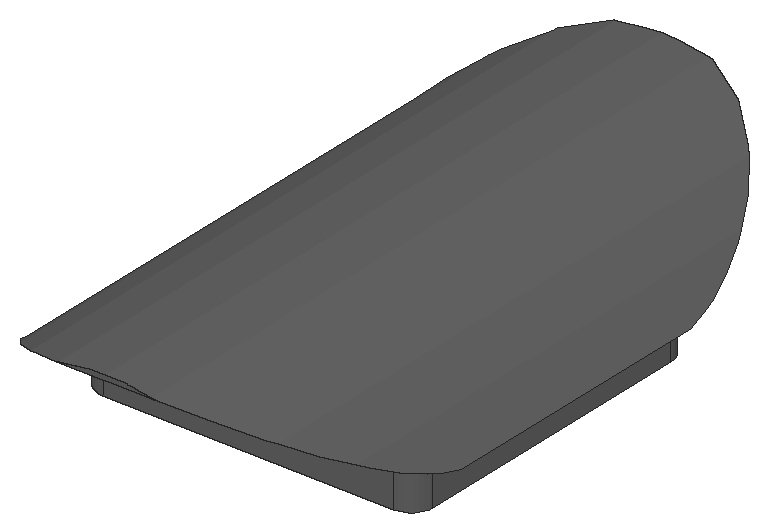
Revit family "AFX-Remy-Outdoor_Sconce-1", category Lighting Fixtures, host Face, Revit 2021
Family settings
  Host = Face
  Round Connector Dimension = Use Diameter
  Part Type = Normal
  Cut with Voids When Loaded = No
  Light Source = Yes
  Shared = No
  Room Calculation Point = No
Parameters (values of type "REMW0610LAJMVBK")
  Width = 5 1/2"
  Wattage Comments = "9"
  Wattage = 9.2903 W
  built-in parameter 1150110 = 1 (stored number, unit not read)
  Voltage = 120 V
  URL = "https://www.afxinc.com/"
  Type Comments = "Remy"  # constant formula
  built-in parameter 1114217 = 1 (stored number, unit not read)
  Tilt Angle = 0.00°
  built-in parameter 1150109 = 1 (stored number, unit not read)
  built-in parameter 1150134 = 3
  built-in parameter 1150113 = 1 (stored number, unit not read)
  Revit Model Built By = ""
  Product Documentation Link = "https://www.afxinc.com/products/productDetail.cfm?productID=2434"
  Power Factor = 1
  Photometric Web File = "REMW0610LAJMVBK_3000K_IES.IES"
  built-in parameter 1150142 = "IESNA:LM-63-2002\r\n[TEST] \r\n[TESTLAB] LCTECH 240119103003\r\n[TESTDATE] 2024/1/23\r\n[ISSUEDATE] 2024/1/23\r\n[MANUFAC] AFX\r\n[LUMCAT] REMW0610LAJMV**\r\n[LUMINAIRE] LEDµÆ¾ß\r\n[LAMPCAT] \r\n[LAMP] \r\n[LumELE] 120 0.195 23 0.9829\r\nTILT=NONE\r\n1 1483.24 1 37 13 1 2 0.03 0.1 0\r\n1 1 23\r\n0.00 5.00 10.00 15.00 20.00 25.00 30.00 35.00 40.00 45.00 50.00 55.00 60.00 65.00 70.00 75.00 80.00 85.00 90.00 95.00 100.00 105.00 110.00 115.00 120.00 125.00 130.00 135.00 140.00 145.00 150.00 155.00 160.00 165.00 170.00 175.00 180.00\r\n0.00 15.00 30.00 45.00 60.00 75.00 90.00 105.00 120.00 135.00 150.00 165.00 180.00\r\n502.468 512.374 505.17 507.871 494.364 475.454 455.643 429.529 395.311 356.591 207.111 38.721 32.417 23.413 18.91 15.308 12.607 9.005 7.204 9.005 12.607 15.308 18.91 23.413 32.417 38.721 207.111 356.591 395.311 429.529 455.643 475.454 494.364 507.871 \r\n505.17 512.374 502.532\r\n502.468 512.414 513.769 507.445 493.886 477.169 456.383 429.273 397.195 359.69 263.006 43.38 32.083 24.401 18.527 14.912 12.201 8.586 6.777 8.585 12.199 14.911 18.526 24.401 32.081 43.377 262.961 359.674 397.177 429.264 456.377 477.163 493.884 507.437 \r\n513.764 512.408 502.532\r\n502.468 511.533 512.444 506.555 495.231 477.565 457.631 428.639 399.646 363.404 316.74 132.372 30.815 24.469 18.126 14.049 10.425 7.704 5.889 7.701 10.417 14.042 18.121 24.464 30.805 132.23 316.674 363.345 399.597 428.60 457.602 477.54 495.214 506.545 \r\n512.436 511.535 502.532\r\n502.468 504.712 505.17 498.438 488.119 472.854 450.852 424.818 394.288 358.818 319.307 272.167 122.222 22.009 16.62 13.026 8.986 6.289 4.04 6.284 8.976 13.018 16.608 21.997 122.054 272.066 319.223 358.743 394.221 424.76 450.814 472.818 488.087 498.424 \r\n505.163 504.722 502.532\r\n502.468 507.443 506.586 498.964 483.201 471.143 448.659 422.606 390.224 356.974 316.948 272.435 225.656 165.877 26.696 9.474 6.309 4.065 2.244 4.033 6.288 9.422 26.392 165.248 225.143 271.942 316.509 356.565 389.90 422.303 448.439 470.944 483.18 498.911 \r\n506.586 507.527 502.532\r\n502.468 504.783 501.22 492.334 480.311 462.468 441.019 414.702 382.536 346.41 304.903 257.563 205.708 151.595 104.169 60.276 8.135 1.803 0.44 1.774 7.963 59.56 103.309 150.679 204.777 256.661 304.116 345.78 382.092 414.315 440.762 462.239 480.168 492.291 \r\n501.292 504.883 502.532\r\n502.468 501.155 494.59 484.085 470.079 448.633 413.18 360.219 302.882 245.544 185.143 126.055 66.967 24.511 2.626 0.875 0.438 0.00 0.00 0.00 0.438 0.875 2.626 24.511 66.967 126.055 185.143 245.544 302.882 360.219 413.18 448.633 470.079 484.085 494.59 \r\n501.155 502.532\r\n502.468 499.317 489.011 476.902 437.266 365.168 290.798 194.127 89.662 27.777 3.109 1.32 0.44 0.00 0.00 0.00 0.00 0.00 0.00 0.00 0.00 0.00 0.00 0.00 0.454 1.363 3.152 28.564 91.882 195.788 292.287 366.371 438.255 477.317 489.355 499.618 502.532\r\n502.468 497.504 488.019 457.259 359.924 234.25 54.322 4.033 1.789 0.445 0.00 0.00 0.00 0.00 0.00 0.00 0.00 0.00 0.00 0.00 0.00 0.00 0.00 0.00 0.00 0.00 0.00 0.455 1.81 4.065 55.453 235.444 360.814 457.835 488.26 497.671 502.532\r\n502.468 493.478 483.142 404.511 215.827 6.732 2.692 0.448 0.448 0.00 0.00 0.00 0.00 0.00 0.00 0.00 0.00 0.00 0.00 0.00 0.00 0.00 0.00 0.00 0.00 0.00 0.00 0.00 0.45 0.45 2.697 6.739 216.147 404.653 483.185 493.505 502.532\r\n502.468 498.387 484.782 352.889 109.46 3.622 0.906 0.452 0.00 0.00 0.00 0.00 0.00 0.00 0.00 0.00 0.00 0.00 0.00 0.00 0.00 0.00 0.00 0.00 0.00 0.00 0.00 0.00 0.00 0.454 0.906 3.627 108.928 353.019 484.821 498.402 502.532\r\n502.468 495.239 481.224 193.797 5.873 2.258 0.451 0.00 0.00 0.00 0.00 0.00 0.00 0.00 0.00 0.00 0.00 0.00 0.00 0.00 0.00 0.00 0.00 0.00 0.00 0.00 0.00 0.00 0.00 0.00 0.453 2.26 5.875 193.90 481.242 495.242 502.532\r\n502.468 498.867 483.558 119.764 5.403 0.90 0.00 0.00 0.00 0.00 0.00 0.00 0.00 0.00 0.00 0.00 0.00 0.00 0.00 0.00 0.00 0.00 0.00 0.00 0.00 0.00 0.00 0.00 0.00 0.00 0.00 0.90 5.403 119.764 483.558 498.867 502.532\r\n"
  Model = "REMW0610LAJMVBK"
  Manufacturer = "AFX Inc"  # constant formula
  built-in parameter 1150105 = 109.82 (stored number, unit not read)
  Lumens = 1380 lm
  built-in parameter 1150115 = 1 (stored number, unit not read)
  built-in parameter 1150137 = (empty or 0)
  built-in parameter 1150139 = (empty or 0)
  built-in parameter 1150112 = 1 (stored number, unit not read)
  built-in parameter 1150114 = 1 (stored number, unit not read)
  Lamp = "LED"
  Keynote = "12500"
  built-in parameter 1150132 = (empty or 0)
  built-in parameter 1150102 = (empty or 0)
  built-in parameter 1150107 = 3200 (stored number, unit not read)
  built-in parameter 1150138 = (empty or 0)
  built-in parameter 1150106 = 1.0982 (stored number, unit not read)
  Height = 10"
  Frame Finish = AFX - Black Steel
  Emit from Circle Diameter = 5"
  Emit Shape Visible in Rendering = no
  built-in parameter 1150104 = 13.8 (stored number, unit not read)
  Dimming Lamp Color Temperature Shift = <None>
  Diffuser Finish = AFX - White Acrylic
  Description = "LED Outdoor Sconce - 5 1/2\"W x 2 1/8\"D x 10\"H"
  Depth = 2 1/8"
  Default Elevation = 48"
  Colour Rendering Index = "80"
  Color Filter = 16777215
  built-in parameter 1114218 = 1 (stored number, unit not read)
  built-in parameter 1150133 = 10 (stored number, unit not read)
  Assembly Code = "D5020200"
  Apparent Load = 0 VA
  7inch = no
  10inch = yes
Types (2): name | Width | Product Documentation Link | Photometric Web File | built-in parameter 1150142 | Model | Height | Emit from Circle Diameter | Description | 7inch | 10inch
  REMW0407LAJMVBK | 4 3/4" | "https://www.afxinc.com/products/productDetail.cfm?productID=2433" | "REMW0407LAJMVBK_3000K_IES.IES" | "IESNA:LM-63-2002\r\n[TEST] \r\n[TESTLAB] LCTECH 240119103002\r\n[TESTDATE] 2024/1/23\r\n[ISSUEDATE] 2024/1/23\r\n[MANUFAC] AFX\r\n[LUMCAT] REMW0407LAJMV**\r\n[LUMINAIRE] LEDµÆ¾ß\r\n[LAMPCAT] \r\n[LAMP] \r\n[LumELE] 120.02 0.151 17.82 0.9833\r\nTILT=NONE\r\n1 1302.67 1 37 13 1 2 0.03 0.09 0\r\n1 1 17.82\r\n0.00 5.00 10.00 15.00 20.00 25.00 30.00 35.00 40.00 45.00 50.00 55.00 60.00 65.00 70.00 75.00 80.00 85.00 90.00 95.00 100.00 105.00 110.00 115.00 120.00 125.00 130.00 135.00 140.00 145.00 150.00 155.00 160.00 165.00 170.00 175.00 180.00\r\n0.00 15.00 30.00 45.00 60.00 75.00 90.00 105.00 120.00 135.00 150.00 165.00 180.00\r\n401.122 403.82 405.618 401.122 393.926 380.436 368.744 356.153 329.171 303.09 263.517 64.755 18.887 15.289 12.591 9.893 8.094 5.396 3.598 5.396 8.094 9.893 12.591 15.289 18.887 64.755 263.517 303.09 329.171 356.153 368.744 380.436 393.926 401.122 405.618 \r\n403.82 401.168\r\n401.122 404.278 406.086 403.823 397.056 383.966 369.078 349.674 329.374 302.293 268.45 110.919 18.498 14.888 11.731 9.474 7.669 4.962 3.61 4.965 7.672 9.477 11.731 14.891 18.501 111.077 268.49 302.329 329.393 349.702 369.102 383.994 397.074 403.844 \r\n406.092 404.291 401.168\r\n401.122 405.166 404.26 401.559 393.45 381.287 365.975 347.066 324.093 297.981 268.257 215.54 32.354 14.402 10.352 8.551 6.298 4.049 3.154 4.054 6.308 8.556 10.357 14.412 32.476 215.758 268.389 298.092 324.204 347.152 366.061 381.363 393.511 401.61 404.311\r\n 405.206 401.168\r\n401.122 405.622 405.171 398.857 390.74 379.018 363.688 342.506 320.419 292.473 264.074 228.919 174.361 30.157 9.913 6.757 4.957 3.154 2.255 3.156 4.959 6.764 9.917 30.236 174.481 228.992 264.147 292.536 320.477 342.559 363.743 379.06 390.775 398.883 \r\n405.189 405.639 401.168\r\n401.122 403.366 401.989 396.592 382.128 375.411 358.759 338.047 316.007 289.015 259.763 226.022 190.044 141.449 58.053 5.834 3.144 2.245 1.353 2.253 3.152 5.859 58.876 141.877 190.423 226.401 260.118 289.33 316.305 338.338 359.001 375.628 382.403 396.721 \r\n402.118 403.439 401.168\r\n401.122 403.80 400.182 395.21 384.425 372.70 353.381 334.945 310.227 285.964 254.534 216.765 172.812 132.007 88.979 49.072 14.606 0.898 0.456 0.898 15.014 49.662 89.64 132.78 173.655 217.665 255.293 286.695 310.901 335.55 353.915 373.192 384.804 395.561 \r\n400.463 404.025 401.168\r\n401.122 400.683 396.294 388.833 376.106 362.063 340.119 306.327 265.074 222.943 179.934 135.609 90.406 50.469 17.555 1.317 0.439 0.00 0.00 0.00 0.439 1.317 17.555 50.469 90.406 135.609 179.934 222.943 265.074 306.327 340.119 362.063 376.106 388.833 \r\n396.294 400.683 401.168\r\n401.122 401.164 394.453 383.296 368.066 326.02 277.992 223.751 161.86 86.863 13.134 3.149 1.795 0.456 0.00 0.00 0.00 0.00 0.00 0.00 0.00 0.00 0.00 0.442 1.795 3.135 12.895 86.371 161.27 223.245 277.612 325.626 367.953 383.24 394.523 401.276 401.168\r\n401.122 399.801 392.167 380.499 334.254 267.241 179.135 25.711 4.951 2.698 0.899 0.00 0.00 0.00 0.00 0.00 0.00 0.00 0.00 0.00 0.00 0.00 0.00 0.00 0.00 0.00 0.899 2.698 4.943 25.558 178.845 267.031 334.036 380.434 392.151 399.809 401.168\r\n401.122 399.319 392.559 364.196 288.481 122.159 7.211 3.606 1.803 0.00 0.00 0.00 0.00 0.00 0.00 0.00 0.00 0.00 0.00 0.00 0.00 0.00 0.00 0.00 0.00 0.00 0.00 0.00 1.803 3.606 7.211 122.121 288.416 364.136 392.561 399.323 401.168\r\n401.122 396.635 388.989 346.73 264.22 8.104 3.602 1.801 0.00 0.00 0.00 0.00 0.00 0.00 0.00 0.00 0.00 0.00 0.00 0.00 0.00 0.00 0.00 0.00 0.00 0.00 0.00 0.00 0.00 1.801 3.602 8.104 263.422 346.588 388.968 396.63 401.168\r\n401.122 396.612 388.494 332.115 21.658 5.415 2.707 0.00 0.00 0.00 0.00 0.00 0.00 0.00 0.00 0.00 0.00 0.00 0.00 0.00 0.00 0.00 0.00 0.00 0.00 0.00 0.00 0.00 0.00 0.00 2.707 5.415 21.658 332.067 388.491 396.615 401.168\r\n401.122 393.027 384.933 324.675 12.591 4.497 2.698 0.00 0.00 0.00 0.00 0.00 0.00 0.00 0.00 0.00 0.00 0.00 0.00 0.00 0.00 0.00 0.00 0.00 0.00 0.00 0.00 0.00 0.00 0.00 2.698 4.497 12.591 324.675 384.933 393.027 401.168\r\n" | "REMW0407LAJMVBK" | 7 1/2" | 4" | "LED Outdoor Sconce - 4 3/4\"W x 2 1/8\"D x 7 1/2\"H" | yes | no
  REMW0610LAJMVBK | 5 1/2" | "https://www.afxinc.com/products/productDetail.cfm?productID=2434" | "REMW0610LAJMVBK_3000K_IES.IES" | "IESNA:LM-63-2002\r\n[TEST] \r\n[TESTLAB] LCTECH 240119103003\r\n[TESTDATE] 2024/1/23\r\n[ISSUEDATE] 2024/1/23\r\n[MANUFAC] AFX\r\n[LUMCAT] REMW0610LAJMV**\r\n[LUMINAIRE] LEDµÆ¾ß\r\n[LAMPCAT] \r\n[LAMP] \r\n[LumELE] 120 0.195 23 0.9829\r\nTILT=NONE\r\n1 1483.24 1 37 13 1 2 0.03 0.1 0\r\n1 1 23\r\n0.00 5.00 10.00 15.00 20.00 25.00 30.00 35.00 40.00 45.00 50.00 55.00 60.00 65.00 70.00 75.00 80.00 85.00 90.00 95.00 100.00 105.00 110.00 115.00 120.00 125.00 130.00 135.00 140.00 145.00 150.00 155.00 160.00 165.00 170.00 175.00 180.00\r\n0.00 15.00 30.00 45.00 60.00 75.00 90.00 105.00 120.00 135.00 150.00 165.00 180.00\r\n502.468 512.374 505.17 507.871 494.364 475.454 455.643 429.529 395.311 356.591 207.111 38.721 32.417 23.413 18.91 15.308 12.607 9.005 7.204 9.005 12.607 15.308 18.91 23.413 32.417 38.721 207.111 356.591 395.311 429.529 455.643 475.454 494.364 507.871 \r\n505.17 512.374 502.532\r\n502.468 512.414 513.769 507.445 493.886 477.169 456.383 429.273 397.195 359.69 263.006 43.38 32.083 24.401 18.527 14.912 12.201 8.586 6.777 8.585 12.199 14.911 18.526 24.401 32.081 43.377 262.961 359.674 397.177 429.264 456.377 477.163 493.884 507.437 \r\n513.764 512.408 502.532\r\n502.468 511.533 512.444 506.555 495.231 477.565 457.631 428.639 399.646 363.404 316.74 132.372 30.815 24.469 18.126 14.049 10.425 7.704 5.889 7.701 10.417 14.042 18.121 24.464 30.805 132.23 316.674 363.345 399.597 428.60 457.602 477.54 495.214 506.545 \r\n512.436 511.535 502.532\r\n502.468 504.712 505.17 498.438 488.119 472.854 450.852 424.818 394.288 358.818 319.307 272.167 122.222 22.009 16.62 13.026 8.986 6.289 4.04 6.284 8.976 13.018 16.608 21.997 122.054 272.066 319.223 358.743 394.221 424.76 450.814 472.818 488.087 498.424 \r\n505.163 504.722 502.532\r\n502.468 507.443 506.586 498.964 483.201 471.143 448.659 422.606 390.224 356.974 316.948 272.435 225.656 165.877 26.696 9.474 6.309 4.065 2.244 4.033 6.288 9.422 26.392 165.248 225.143 271.942 316.509 356.565 389.90 422.303 448.439 470.944 483.18 498.911 \r\n506.586 507.527 502.532\r\n502.468 504.783 501.22 492.334 480.311 462.468 441.019 414.702 382.536 346.41 304.903 257.563 205.708 151.595 104.169 60.276 8.135 1.803 0.44 1.774 7.963 59.56 103.309 150.679 204.777 256.661 304.116 345.78 382.092 414.315 440.762 462.239 480.168 492.291 \r\n501.292 504.883 502.532\r\n502.468 501.155 494.59 484.085 470.079 448.633 413.18 360.219 302.882 245.544 185.143 126.055 66.967 24.511 2.626 0.875 0.438 0.00 0.00 0.00 0.438 0.875 2.626 24.511 66.967 126.055 185.143 245.544 302.882 360.219 413.18 448.633 470.079 484.085 494.59 \r\n501.155 502.532\r\n502.468 499.317 489.011 476.902 437.266 365.168 290.798 194.127 89.662 27.777 3.109 1.32 0.44 0.00 0.00 0.00 0.00 0.00 0.00 0.00 0.00 0.00 0.00 0.00 0.454 1.363 3.152 28.564 91.882 195.788 292.287 366.371 438.255 477.317 489.355 499.618 502.532\r\n502.468 497.504 488.019 457.259 359.924 234.25 54.322 4.033 1.789 0.445 0.00 0.00 0.00 0.00 0.00 0.00 0.00 0.00 0.00 0.00 0.00 0.00 0.00 0.00 0.00 0.00 0.00 0.455 1.81 4.065 55.453 235.444 360.814 457.835 488.26 497.671 502.532\r\n502.468 493.478 483.142 404.511 215.827 6.732 2.692 0.448 0.448 0.00 0.00 0.00 0.00 0.00 0.00 0.00 0.00 0.00 0.00 0.00 0.00 0.00 0.00 0.00 0.00 0.00 0.00 0.00 0.45 0.45 2.697 6.739 216.147 404.653 483.185 493.505 502.532\r\n502.468 498.387 484.782 352.889 109.46 3.622 0.906 0.452 0.00 0.00 0.00 0.00 0.00 0.00 0.00 0.00 0.00 0.00 0.00 0.00 0.00 0.00 0.00 0.00 0.00 0.00 0.00 0.00 0.00 0.454 0.906 3.627 108.928 353.019 484.821 498.402 502.532\r\n502.468 495.239 481.224 193.797 5.873 2.258 0.451 0.00 0.00 0.00 0.00 0.00 0.00 0.00 0.00 0.00 0.00 0.00 0.00 0.00 0.00 0.00 0.00 0.00 0.00 0.00 0.00 0.00 0.00 0.00 0.453 2.26 5.875 193.90 481.242 495.242 502.532\r\n502.468 498.867 483.558 119.764 5.403 0.90 0.00 0.00 0.00 0.00 0.00 0.00 0.00 0.00 0.00 0.00 0.00 0.00 0.00 0.00 0.00 0.00 0.00 0.00 0.00 0.00 0.00 0.00 0.00 0.00 0.00 0.90 5.403 119.764 483.558 498.867 502.532\r\n" | "REMW0610LAJMVBK" | 10" | 5" | "LED Outdoor Sconce - 5 1/2\"W x 2 1/8\"D x 10\"H" | no | yes
Reference planes (in)
  plane 1 "Center (Front/Back)": y = 0
  plane 2: z = 0
  plane 3 "Center (Left/Right)": x = 0
Dimensions and locks (in)
  aligned and locked: plane 2 to host face
  aligned and locked: level to host face
  aligned and locked: imposter light to plane 3 "Center (Left/Right)"
Nested families (in)
  nested 1: "Lamp" at (0, 0, 0), 10inch <- "10inch", 7inch <- "7inch", Frame Finish <- "Frame Finish", Diffuser Finish <- "Diffuser Finish", type "Lamp"
    with Frame Finish AFX - Black Steel, Diffuser Finish AFX - White Acrylic, 7inch no, 10inch yes
Connectors (in)
  electrical at (0, 0, 0), driven by "Voltage", driven by "Apparent Load", driven by "Power Factor"
    settings: on nested 1, index 1, voltage 120 V, apparent load 0 VA, apparent load phase1 0 VA, apparent load phase2 0 VA, apparent load phase3 0 VA, power factor 1, load classification "Lighting", number of poles 1, system type 31, power factor state 1, is connector primary yes, connector utility no, sub classification motor no, connector description ""
Definition of nested family "Lamp"
  Parameters (values of type "Lamp")
    Frame Finish [instance] = none
    Diffuser Finish [instance] = none
    Default Elevation = 0"
    7inch [instance] = yes
    10inch [instance] = yes
  Reference planes (in)
    plane 1 "Center (Front/Back)": y = 0
    plane 2: z = 0
    plane 3 "Center (Left/Right)": x = 0
  Forms (in)
    Extrusion 1, solid, material <- "Frame Finish", visible <- "7inch"
      sketch origin (0, 0, 0) x (1, 0, 0) y (0, 0, 1)
        loop
          arc (2.38583, 0.55126) -> (0, 2.1255) -> (-2.38583, 0.55126) r 2.59503
          line (-2.38583, 0.55126) -> (-2.314, 0.52053)
          arc (-2.314, 0.52053) -> (0, 2.04737) -> (2.314, 0.52053) r 2.51691
          line (2.314, 0.52053) -> (2.38583, 0.55126)
      from -3.79436 to 3.79436
    Extrusion 2, void
      sketch origin (-8.69106, 0, 0) x (0, 1, 0) y (0, 0, 1)
        loop
          arc (3.74038, 2.0474) -> (3.25499, 1.64944) -> (2.75783, 1.26629) r 20.81851
          arc (2.75783, 1.26629) -> (2.38959, 1.0076) -> (2.00691, 0.77079) r 7.72712
          arc (2.00691, 0.77079) -> (1.7189, 0.63323) -> (1.41276, 0.54296) r 2.01103
          arc (1.41276, 0.54296) -> (1.31278, 0.52046) -> (1.21348, 0.49514) r 3.62358
          line (1.21348, 0.49514) -> (1.21348, 0.4414) -> (3.82581, 0.4414) -> (3.82581, 2.141) -> (3.74038, 2.141) -> (3.74038, 2.0474)
        loop
          line (-3.74038, 2.0474) -> (-3.74038, 2.141) -> (-3.82581, 2.141) -> (-3.82581, 0.4414) -> (-1.21348, 0.4414) -> (-1.21348, 0.49514)
          arc (-1.21348, 0.49514) -> (-1.31278, 0.52046) -> (-1.41276, 0.54296) r 3.62358
          arc (-1.41276, 0.54296) -> (-1.7189, 0.63323) -> (-2.00691, 0.77079) r 2.01103
          arc (-2.00691, 0.77079) -> (-2.38959, 1.0076) -> (-2.75783, 1.26629) r 7.72712
          arc (-2.75783, 1.26629) -> (-3.25499, 1.64944) -> (-3.74038, 2.0474) r 20.81851
      from 6.02193 to 11.33662
    Extrusion 3, solid, material <- "Frame Finish", visible <- "7inch"
      sketch origin (0, 0, 0) x (1, 0, 0) y (0, 1, 0)
        loop
          line (-2.06693, 1.75272) -> (-2.06693, -1.75443)
          arc (-2.06693, -1.75443) -> (-1.9754, -1.9754) -> (-1.75443, -2.06693) r 0.3125
          line (-1.75443, -2.06693) -> (1.75443, -2.06693)
          arc (1.75443, -2.06693) -> (1.9754, -1.9754) -> (2.06693, -1.75443) r 0.3125
          line (2.06693, -1.75443) -> (2.06693, 1.75443)
          arc (2.06693, 1.75443) -> (1.9754, 1.9754) -> (1.75443, 2.06693) r 0.3125
          line (1.75443, 2.06693) -> (-1.75272, 2.06693)
          arc (-1.75272, 2.06693) -> (-1.9749, 1.9749) -> (-2.06693, 1.75272) r 0.3142
        loop
          line (-1.75443, -1.9888) -> (1.75443, -1.9888)
          arc (1.75443, -1.9888) -> (1.92016, -1.92016) -> (1.9888, -1.75443) r 0.23438
          line (1.9888, -1.75443) -> (1.9888, 1.75443)
          arc (1.9888, 1.75443) -> (1.92016, 1.92016) -> (1.75443, 1.9888) r 0.23438
          line (1.75443, 1.9888) -> (-1.75272, 1.9888)
          arc (-1.75272, 1.9888) -> (-1.91966, 1.91966) -> (-1.9888, 1.75272) r 0.23608
          line (-1.9888, 1.75272) -> (-1.9888, -1.75443)
          arc (-1.9888, -1.75443) -> (-1.92016, -1.92016) -> (-1.75443, -1.9888) r 0.23438
      from 0 to 2.5
    Extrusion 4, void
      sketch origin (0, 0, 0) x (1, 0, 0) y (0, 0, 1)
        loop
          line (2.19233, 0.91895) -> (2.19233, 2.5999) -> (-2.19233, 2.5999) -> (-2.19233, 0.91895)
          arc (-2.19233, 0.91895) -> (0, 2.1255) -> (2.19233, 0.91895) r 2.59503
      from -2.47595 to 2.47595
    Extrusion 5, void
      sketch origin (0, 0, 0) x (1, 0, 0) y (0, 0, 1)
        loop
          line (-1.58128, 0.74803) -> (1.58306, 0.74803)
          arc (1.58306, 0.74803) -> (1.80403, 0.83956) -> (1.89556, 1.06053) r 0.3125
          line (1.89556, 1.06053) -> (1.89556, 1.38089)
          arc (1.89556, 1.38089) -> (0, 2.20362) -> (-1.89556, 1.38089) r 2.59503
          line (-1.89556, 1.38089) -> (-1.89556, 1.06231)
          arc (-1.89556, 1.06231) -> (-1.80351, 0.84008) -> (-1.58128, 0.74803) r 0.31428
      from -2.72981 to 2.72981
    Extrusion 6, solid, material <- "Frame Finish", visible <- "7inch"
      sketch origin (0, 0, 0) x (1, 0, 0) y (0, 0, 1)
        loop
          line (-1.58139, 0.74803) -> (1.58306, 0.74803)
          arc (1.58306, 0.74803) -> (1.80403, 0.83956) -> (1.89556, 1.06053) r 0.3125
          line (1.89556, 1.06053) -> (1.89556, 1.24803) -> (1.68651, 1.42264)
          arc (1.68651, 1.42264) -> (1.73733, 1.34975) -> (1.77501, 1.26928) r 0.52018
          arc (1.77501, 1.26928) -> (1.73777, 0.98092) -> (1.47998, 0.84646) r 0.31434
          line (1.47998, 0.84646) -> (-1.48304, 0.84646)
          arc (-1.48304, 0.84646) -> (-1.73774, 0.97811) -> (-1.77761, 1.26204) r 0.31219
          arc (-1.77761, 1.26204) -> (-1.73924, 1.34641) -> (-1.68651, 1.42264) r 0.52018
          line (-1.68651, 1.42264) -> (-1.89556, 1.24971) -> (-1.89556, 1.06221)
          arc (-1.89556, 1.06221) -> (-1.80354, 0.84005) -> (-1.58139, 0.74803) r 0.31417
      from -2.32283 to -1.88358
    Extrusion 7, solid, material <- "Frame Finish", visible <- "7inch"
      sketch origin (0, 0, 0) x (1, 0, 0) y (0, 0, -1)
        loop
          arc (-1.58139, -0.74803) -> (-1.80354, -0.84005) -> (-1.89556, -1.06221) r 0.31417
          line (-1.89556, -1.06221) -> (-1.89556, -1.24971) -> (-1.68651, -1.42264)
          arc (-1.68651, -1.42264) -> (-1.73924, -1.34641) -> (-1.77761, -1.26204) r 0.52018
          arc (-1.77761, -1.26204) -> (-1.73774, -0.97811) -> (-1.48304, -0.84646) r 0.31219
          line (-1.48304, -0.84646) -> (1.47998, -0.84646)
          arc (1.47998, -0.84646) -> (1.73777, -0.98092) -> (1.77501, -1.26928) r 0.31434
          arc (1.77501, -1.26928) -> (1.73733, -1.34975) -> (1.68651, -1.42264) r 0.52018
          line (1.68651, -1.42264) -> (1.89556, -1.24803) -> (1.89556, -1.06053)
          arc (1.89556, -1.06053) -> (1.80403, -0.83956) -> (1.58306, -0.74803) r 0.3125
          line (1.58306, -0.74803) -> (-1.58139, -0.74803)
      from -2.32283 to -1.88358
    Extrusion 8, solid, material <- "Frame Finish", visible <- "7inch"
      sketch origin (0, 0.04281, 0) x (1, 0, 0) y (0, 0, 1)
        loop
          arc (1.48304, 0.84646) -> (1.73774, 0.97811) -> (1.77761, 1.26204) r 0.31219
          arc (1.77761, 1.26204) -> (1.75826, 1.30939) -> (1.73423, 1.35454) r 0.50706
          arc (1.73423, 1.35454) -> (0, 2.04737) -> (-1.73423, 1.35454) r 2.51691
          arc (-1.73423, 1.35454) -> (-1.75826, 1.30939) -> (-1.77761, 1.26204) r 0.50706
          arc (-1.77761, 1.26204) -> (-1.73774, 0.97811) -> (-1.48304, 0.84646) r 0.31219
          line (-1.48304, 0.84646) -> (1.48304, 0.84646)
      from 1.9264 to 2.1264
    Extrusion 9, solid, material <- "Frame Finish", visible <- "7inch"
      sketch origin (0, -0.04281, 0) x (1, 0, 0) y (0, 0, -1)
        loop
          line (1.48304, -0.84646) -> (-1.48304, -0.84646)
          arc (-1.48304, -0.84646) -> (-1.73774, -0.97811) -> (-1.77761, -1.26204) r 0.31219
          arc (-1.77761, -1.26204) -> (-1.75826, -1.30939) -> (-1.73423, -1.35454) r 0.50706
          arc (-1.73423, -1.35454) -> (0, -2.04737) -> (1.73423, -1.35454) r 2.51691
          arc (1.73423, -1.35454) -> (1.75826, -1.30939) -> (1.77761, -1.26204) r 0.50706
          arc (1.77761, -1.26204) -> (1.73774, -0.97811) -> (1.48304, -0.84646) r 0.31219
      from 1.9264 to 2.1264
    Extrusion 10, solid, material <- "Diffuser Finish", visible <- "7inch"
      sketch origin (0, -0.27144, 0) x (1, 0, 0) y (0, 0, 1)
        loop
          arc (1.48304, 0.84646) -> (1.73774, 0.97811) -> (1.77761, 1.26204) r 0.31219
          arc (1.77761, 1.26204) -> (1.75826, 1.30939) -> (1.73423, 1.35454) r 0.50706
          arc (1.73423, 1.35454) -> (0, 2.04737) -> (-1.73423, 1.35454) r 2.51691
          arc (-1.73423, 1.35454) -> (-1.75826, 1.30939) -> (-1.77761, 1.26204) r 0.50706
          arc (-1.77761, 1.26204) -> (-1.73774, 0.97811) -> (-1.48304, 0.84646) r 0.31219
          line (-1.48304, 0.84646) -> (1.48304, 0.84646)
      from 1.9264 to 2.0514
    Extrusion 11, solid, material <- "Diffuser Finish", visible <- "7inch"
      sketch origin (0, 0.27144, 0) x (1, 0, 0) y (0, 0, -1)
        loop
          line (1.48304, -0.84646) -> (-1.48304, -0.84646)
          arc (-1.48304, -0.84646) -> (-1.73774, -0.97811) -> (-1.77761, -1.26204) r 0.31219
          arc (-1.77761, -1.26204) -> (-1.75826, -1.30939) -> (-1.73423, -1.35454) r 0.50706
          arc (-1.73423, -1.35454) -> (0, -2.04737) -> (1.73423, -1.35454) r 2.51691
          arc (1.73423, -1.35454) -> (1.75826, -1.30939) -> (1.77761, -1.26204) r 0.50706
          arc (1.77761, -1.26204) -> (1.73774, -0.97811) -> (1.48304, -0.84646) r 0.31219
      from 1.9264 to 2.0514
    Extrusion 12, solid, material <- "Frame Finish", visible <- "10inch"
      sketch origin (0, 0, 0) x (1, 0, 0) y (0, 0, 1)
        loop
          line (-2.75984, 0.59055) -> (-2.69347, 0.54935)
          arc (-2.69347, 0.54935) -> (0, 2.04751) -> (2.69347, 0.54935) r 3.1703
          line (2.69347, 0.54935) -> (2.75984, 0.59055)
          arc (2.75984, 0.59055) -> (0, 2.12563) -> (-2.75984, 0.59055) r 3.24843
      from -5.12084 to 5.12084
    Extrusion 13, void
      sketch origin (-3, 0, 0) x (0, 1, 0) y (0, 0, 1)
        loop
          arc (5.00002, 2.04726) -> (4.16778, 1.50878) -> (3.29981, 1.03) r 14.12285
          arc (3.29981, 1.03) -> (2.93771, 0.86244) -> (2.56461, 0.72105) r 5.6086
          arc (2.56461, 0.72105) -> (2.33345, 0.6519) -> (2.09791, 0.59957) r 3.35057
          arc (2.09791, 0.59957) -> (1.89879, 0.56051) -> (1.70057, 0.51706) r 9.16364
          line (1.70057, 0.51706) -> (5.14282, 0.51706) -> (5.14282, 2.15583) -> (5.00002, 2.15583) -> (5.00002, 2.04726)
        loop
          line (-5.00002, 2.04726) -> (-5.00002, 2.15583) -> (-5.14282, 2.15583) -> (-5.14282, 0.51706) -> (-1.70057, 0.51706)
          arc (-1.70057, 0.51706) -> (-1.89879, 0.56051) -> (-2.09791, 0.59957) r 9.16364
          arc (-2.09791, 0.59957) -> (-2.33345, 0.6519) -> (-2.56461, 0.72105) r 3.35057
          arc (-2.56461, 0.72105) -> (-2.93771, 0.86244) -> (-3.29981, 1.03) r 5.6086
          arc (-3.29981, 1.03) -> (-4.16778, 1.50878) -> (-5.00002, 2.04726) r 14.12285
      from 0 to 6
    Extrusion 14, solid, material <- "Frame Finish", visible <- "10inch"
      sketch origin (0, 0, 0) x (1, 0, 0) y (0, 1, 0)
        loop
          line (-2.40551, 2.12844) -> (-2.40551, -2.12844)
          arc (-2.40551, -2.12844) -> (-2.31398, -2.34942) -> (-2.09301, -2.44094) r 0.3125
          line (-2.09301, -2.44094) -> (2.09301, -2.44094)
          arc (2.09301, -2.44094) -> (2.31398, -2.34942) -> (2.40551, -2.12844) r 0.3125
          line (2.40551, -2.12844) -> (2.40551, 2.12844)
          arc (2.40551, 2.12844) -> (2.31398, 2.34942) -> (2.09301, 2.44094) r 0.3125
          line (2.09301, 2.44094) -> (-2.09301, 2.44094)
          arc (-2.09301, 2.44094) -> (-2.31398, 2.34942) -> (-2.40551, 2.12844) r 0.3125
        loop
          line (-2.09301, -2.36282) -> (2.09301, -2.36282)
          arc (2.09301, -2.36282) -> (2.25874, -2.29417) -> (2.32738, -2.12844) r 0.23438
          line (2.32738, -2.12844) -> (2.32738, 2.12844)
          arc (2.32738, 2.12844) -> (2.25874, 2.29417) -> (2.09301, 2.36282) r 0.23438
          line (2.09301, 2.36282) -> (-2.09301, 2.36282)
          arc (-2.09301, 2.36282) -> (-2.25874, 2.29417) -> (-2.32738, 2.12844) r 0.23438
          line (-2.32738, 2.12844) -> (-2.32738, -2.12844)
          arc (-2.32738, -2.12844) -> (-2.25874, -2.29417) -> (-2.09301, -2.36282) r 0.23438
      from 0 to 2.25
    Extrusion 15, void
      sketch origin (0, 0, 0) x (1, 0, 0) y (0, 0, 1)
        loop
          line (2.47924, 0.90287) -> (2.47924, 2.40287) -> (-2.47924, 2.40287) -> (-2.47924, 0.90287)
          arc (-2.47924, 0.90287) -> (0, 2.07876) -> (2.47924, 0.90287) r 3.20155
      from -2.66487 to 2.66487
    Extrusion 16, void
      sketch origin (0, 0, 0) x (1, 0, 0) y (0, 0, 1)
        loop
          line (-1.71926, 0.74803) -> (1.71926, 0.74803)
          arc (1.71926, 0.74803) -> (2.00652, 0.86702) -> (2.12551, 1.15428) r 0.40625
          line (2.12551, 1.15428) -> (2.12551, 2.16564) -> (-2.12551, 2.16564) -> (-2.12551, 1.15428)
          arc (-2.12551, 1.15428) -> (-2.00652, 0.86702) -> (-1.71926, 0.74803) r 0.40625
      from -2.6433 to 2.6433
    Extrusion 17, solid, material <- "Frame Finish", visible <- "10inch"
      sketch origin (0, 0, 0) x (1, 0, 0) y (0, 0, 1)
        loop
          line (-1.71926, 0.74803) -> (1.71926, 0.74803)
          arc (1.71926, 0.74803) -> (2.00652, 0.86702) -> (2.12551, 1.15428) r 0.40625
          line (2.12551, 1.15428) -> (2.12551, 1.27139)
          arc (2.12551, 1.27139) -> (2.02811, 1.35444) -> (1.92746, 1.43353) r 3.20155
          arc (1.92746, 1.43353) -> (1.93659, 1.39355) -> (1.95723, 1.35811) r 0.13592
          arc (1.95723, 1.35811) -> (1.99616, 1.02519) -> (1.7126, 0.84646) r 0.31431
          line (1.7126, 0.84646) -> (-1.7126, 0.84646)
          arc (-1.7126, 0.84646) -> (-1.99616, 1.02519) -> (-1.95723, 1.35811) r 0.31431
          arc (-1.95723, 1.35811) -> (-1.93659, 1.39355) -> (-1.92746, 1.43353) r 0.13592
          arc (-1.92746, 1.43353) -> (-2.02811, 1.35444) -> (-2.12551, 1.27139) r 3.20155
          line (-2.12551, 1.27139) -> (-2.12551, 1.15428)
          arc (-2.12551, 1.15428) -> (-2.00652, 0.86702) -> (-1.71926, 0.74803) r 0.40625
      from 2.16535 to 2.75591
    Extrusion 18, solid, material <- "Frame Finish", visible <- "10inch"
      sketch origin (0, 0, 0) x (1, 0, 0) y (0, 0, -1)
        loop
          arc (-1.71926, -0.74803) -> (-2.00652, -0.86702) -> (-2.12551, -1.15428) r 0.40625
          line (-2.12551, -1.15428) -> (-2.12551, -1.27139)
          arc (-2.12551, -1.27139) -> (-2.02811, -1.35444) -> (-1.92746, -1.43353) r 3.20155
          arc (-1.92746, -1.43353) -> (-1.93659, -1.39355) -> (-1.95723, -1.35811) r 0.13592
          arc (-1.95723, -1.35811) -> (-1.99616, -1.02519) -> (-1.7126, -0.84646) r 0.31431
          line (-1.7126, -0.84646) -> (1.7126, -0.84646)
          arc (1.7126, -0.84646) -> (1.99616, -1.02519) -> (1.95723, -1.35811) r 0.31431
          arc (1.95723, -1.35811) -> (1.93659, -1.39355) -> (1.92746, -1.43353) r 0.13592
          arc (1.92746, -1.43353) -> (2.02811, -1.35444) -> (2.12551, -1.27139) r 3.20155
          line (2.12551, -1.27139) -> (2.12551, -1.15428)
          arc (2.12551, -1.15428) -> (2.00652, -0.86702) -> (1.71926, -0.74803) r 0.40625
          line (1.71926, -0.74803) -> (-1.71926, -0.74803)
      from 2.16535 to 2.75591
    Extrusion 19, solid, material <- "Frame Finish", visible <- "10inch"
      sketch origin (0, 0, 0) x (1, 0, 0) y (0, 0, 1)
        loop
          arc (1.7126, 0.84646) -> (1.99616, 1.02519) -> (1.95723, 1.35811) r 0.31431
          arc (1.95723, 1.35811) -> (1.94827, 1.37061) -> (1.94077, 1.38404) r 0.13592
          arc (1.94077, 1.38404) -> (0, 2.04751) -> (-1.94077, 1.38404) r 3.1703
          arc (-1.94077, 1.38404) -> (-1.94827, 1.37061) -> (-1.95723, 1.35811) r 0.13592
          arc (-1.95723, 1.35811) -> (-1.99616, 1.02519) -> (-1.7126, 0.84646) r 0.31431
          line (-1.7126, 0.84646) -> (1.7126, 0.84646)
      from 2.16535 to 2.24348
    Extrusion 20, solid, material <- "Frame Finish", visible <- "10inch"
      sketch origin (0, 0, 0) x (1, 0, 0) y (0, 0, -1)
        loop
          line (1.7126, -0.84646) -> (-1.7126, -0.84646)
          arc (-1.7126, -0.84646) -> (-1.99616, -1.02519) -> (-1.95723, -1.35811) r 0.31431
          arc (-1.95723, -1.35811) -> (-1.94827, -1.37061) -> (-1.94077, -1.38404) r 0.13592
          arc (-1.94077, -1.38404) -> (0, -2.04751) -> (1.94077, -1.38404) r 3.1703
          arc (1.94077, -1.38404) -> (1.94827, -1.37061) -> (1.95723, -1.35811) r 0.13592
          arc (1.95723, -1.35811) -> (1.99616, -1.02519) -> (1.7126, -0.84646) r 0.31431
      from 2.16535 to 2.24348
    Extrusion 21, solid, material <- "Diffuser Finish", visible <- "10inch"
      sketch origin (0, 2.67407, 0) x (1, 0, 0) y (0, 0, 1)
        loop
          arc (1.70894, 0.85818) -> (1.99807, 1.06673) -> (1.89139, 1.40688) r 0.30469
          arc (1.89139, 1.40688) -> (-0.00207, 2.03579) -> (-1.89471, 1.4044) r 3.15858
          arc (-1.89471, 1.4044) -> (-2.00056, 1.06569) -> (-1.71269, 0.85818) r 0.30344
          line (-1.71269, 0.85818) -> (1.70894, 0.85818)
      from 5.35186 to 5.42998
    Extrusion 22, solid, material <- "Diffuser Finish", visible <- "10inch"
      sketch origin (0, -2.67407, 0) x (1, 0, 0) y (0, 0, -1)
        loop
          line (1.70894, -0.85818) -> (-1.71269, -0.85818)
          arc (-1.71269, -0.85818) -> (-2.00056, -1.06569) -> (-1.89471, -1.4044) r 0.30344
          arc (-1.89471, -1.4044) -> (-0.00207, -2.03579) -> (1.89139, -1.40688) r 3.15858
          arc (1.89139, -1.40688) -> (1.99807, -1.06673) -> (1.70894, -0.85818) r 0.30469
      from 5.35186 to 5.42998
  Cuts and joins
    Extrusion 2 cuts Extrusion 1
    Extrusion 4, Extrusion 5 cuts Extrusion 3
    joined: Extrusion 1, Extrusion 3, Extrusion 6, Extrusion 7
    Extrusion 13 cuts Extrusion 12
    Extrusion 15, Extrusion 16 cuts Extrusion 14
    joined: Extrusion 12, Extrusion 14, Extrusion 17, Extrusion 18
  Lines and regions (in)
    symbolic lines, visible <- "7inch"
      curve 1: arc (-2.38583, 0, 0.55126) -> (0, 0, 2.1255) -> (2.38583, 0, 0.55126) r 2.59503
      curve 2: arc (2.314, 0, 0.52053) -> (0, 0, 2.04737) -> (-2.314, 0, 0.52053) r 2.51691
      curve 3: line (-2.314, 0, 0.52053) -> (-2.38583, 0, 0.55126)
      curve 4: line (2.314, 0, 0.52053) -> (2.38583, 0, 0.55126)
      curve 5: line (-2.06693, 0, 0) -> (2.06693, 0, 0)
      curve 6: line (2.06693, 0, 0) -> (2.06693, 0, 0.96665)
      curve 7: line (-2.06693, 0, 0) -> (-2.06693, 0, 0.96665)
      curve 8: line (-1.58139, 0, 0.74803) -> (1.58306, 0, 0.74803)
      curve 9: arc (-1.58139, 0, 0.74803) -> (-1.80354, 0, 0.84005) -> (-1.89556, 0, 1.06221) r 0.31417
      curve 10: line (-1.89556, 0, 1.18627) -> (-1.89556, 0, 1.06221)
      curve 11: line (-1.48304, 0, 0.84646) -> (1.48304, 0, 0.84646)
      curve 12: arc (-1.77761, 0, 1.26204) -> (-1.73774, 0, 0.97811) -> (-1.48304, 0, 0.84646) r 0.31219
      curve 13: arc (-1.73423, 0, 1.35454) -> (-1.75826, 0, 1.30939) -> (-1.77761, 0, 1.26204) r 0.50706
      curve 14: arc (1.89556, 0, 1.06053) -> (1.80403, 0, 0.83956) -> (1.58306, 0, 0.74803) r 0.3125
      curve 15: line (1.89556, 0, 1.06053) -> (1.89556, 0, 1.18627)
      curve 16: arc (1.77761, 0, 1.26204) -> (1.75826, 0, 1.30939) -> (1.73423, 0, 1.35454) r 0.50706
      curve 34: arc (1.48304, 0, 0.84646) -> (1.73774, 0, 0.97811) -> (1.77761, 0, 1.26204) r 0.31219
    symbolic lines, visible <- "10inch"
      curve 17: arc (-2.75984, 0, 0.59055) -> (0, 0, 2.12563) -> (2.75984, 0, 0.59055) r 3.24843
      curve 18: arc (-2.69347, 0, 0.54935) -> (0, 0, 2.04751) -> (2.69347, 0, 0.54935) r 3.1703
      curve 19: line (-2.69347, 0, 0.54935) -> (-2.75984, 0, 0.59055)
      curve 20: line (2.69347, 0, 0.54935) -> (2.75984, 0, 0.59055)
      curve 21: line (-1.71926, 0, 0.74803) -> (1.71926, 0, 0.74803)
      curve 22: arc (1.71926, 0, 0.74803) -> (2.00652, 0, 0.86702) -> (2.12551, 0, 1.15428) r 0.40625
      curve 23: line (2.12551, 0, 1.15428) -> (2.12551, 0, 1.22944)
      curve 24: arc (-2.12551, 0, 1.15428) -> (-2.00652, 0, 0.86702) -> (-1.71926, 0, 0.74803) r 0.40625
      curve 25: line (-2.12551, 0, 1.15428) -> (-2.12551, 0, 1.22944)
      curve 26: line (-2.40551, 0, 0) -> (2.40551, 0, 0)
      curve 27: line (2.40551, 0, 0) -> (2.40551, 0, 0.94223)
      curve 28: line (-2.40551, 0, 0) -> (-2.40551, 0, 0.94223)
      curve 29: arc (-1.7126, 0, 0.84646) -> (-1.99616, 0, 1.02519) -> (-1.95723, 0, 1.35811) r 0.31431
      curve 30: line (1.7126, 0, 0.84646) -> (-1.7126, 0, 0.84646)
      curve 31: arc (1.95723, 0, 1.35811) -> (1.99616, 0, 1.02519) -> (1.7126, 0, 0.84646) r 0.31431
      curve 32: arc (1.94077, 0, 1.38404) -> (1.94827, 0, 1.37061) -> (1.95723, 0, 1.35811) r 0.13592
      curve 33: arc (-1.95723, 0, 1.35811) -> (-1.94827, 0, 1.37061) -> (-1.94077, 0, 1.38404) r 0.13592
  Dimensions and locks (in)
    aligned and locked: plane 2 to level
    aligned and locked: Extrusion 3 to plane 2
